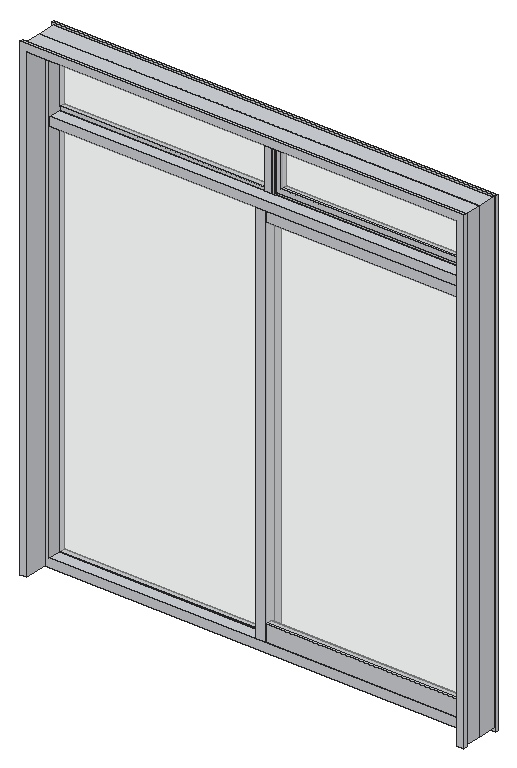
Revit family "APL Residential Thermal Heart Sliding Door SF with Overlight", category Doors, host Wall, Revit 2017 (continued)
Definition of nested family "APL Residential Thermal Heart Sliding Door SF Overlight Horizontal Section"
  Definition of nested family "Jamb&Sash"
    Definition of nested family "65400_Jamb Fixed"
      Lines and regions (mm)
        detail lines, in view "Ref. Level"
          curve 18: arc (65.33, 13.818, 0) -> (65.978, 12.474, 0) -> (66.2, 11, 0) r 5
          curve 19: arc (66.2, 1.9, 0) -> (66.054, 1.546, 0) -> (65.7, 1.4, 0) r 0.5
          curve 20: arc (47, 1.4, 0) -> (46.646, 1.546, 0) -> (46.5, 1.9, 0) r 0.5
          curve 21: arc (46.5, 6.5, 0) -> (46.396, 7.048, 0) -> (46.1, 7.52, 0) r 1.5
          curve 22: arc (24.183, 34.774, 0) -> (24.053, 34.838, 0) -> (24, 34.973, 0) r 0.2
          curve 23: arc (24.399, 37.321, 0) -> (24.668, 37.608, 0) -> (25.06, 37.613, 0) r 0.5
          curve 24: arc (25.06, 37.613, 0) -> (25.236, 37.7, 0) -> (25.42, 37.633, 0) r 0.25
          curve 25: arc (25.42, 37.633, 0) -> (25.563, 37.502, 0) -> (25.569, 37.309, 0) r 0.25
          curve 26: arc (26.823, 36.544, 0) -> (26.898, 36.511, 0) -> (26.979, 36.5, 0) r 0.3
          curve 27: arc (27.5, 36.5, 0) -> (27.658, 36.578, 0) -> (27.694, 36.75, 0) r 0.2
          curve 28: arc (27.5, 40.753, 0) -> (27.526, 40.875, 0) -> (27.6, 40.976, 0) r 0.3
          curve 29: arc (27.6, 40.976, 0) -> (27.664, 41.343, 0) -> (27.322, 41.49, 0) r 0.3
          curve 30: arc (25.179, 40.957, 0) -> (25.09, 40.905, 0) -> (25.038, 40.816, 0) r 0.2
          curve 31: arc (24.993, 40.648, 0) -> (24.852, 40.507, 0) -> (24.659, 40.559, 0) r 0.2
          curve 32: arc (24.295, 40.922, 0) -> (24.235, 41.008, 0) -> (24.208, 41.108, 0) r 0.3
          curve 33: arc (24.001, 43.474, 0) -> (24.117, 43.738, 0) -> (24.403, 43.782, 0) r 0.3
          curve 34: arc (25.813, 43.268, 0) -> (25.939, 43.181, 0) -> (26.005, 43.043, 0) r 0.3
          curve 35: arc (26.005, 43.043, 0) -> (26.278, 42.801, 0) -> (26.583, 43, 0) r 0.3
          curve 36: arc (28.9, 43, 0) -> (29.254, 42.854, 0) -> (29.4, 42.5, 0) r 0.5
          curve 37: arc (29.4, 36.9, 0) -> (29.546, 36.546, 0) -> (29.9, 36.4, 0) r 0.499
          curve 38: arc (37.767, 36.4, 0) -> (38.931, 36.165, 0) -> (39.913, 35.497, 0) r 2.996
          curve 39: arc (39.913, 35.497, 0) -> (40.232, 35.27, 0) -> (40.611, 35.169, 0) r 1.1
          curve 40: arc (68.1, 34.1, 0) -> (68.241, 34.159, 0) -> (68.3, 34.3, 0) r 0.2
          curve 41: arc (68.3, 42.5, 0) -> (68.446, 42.854, 0) -> (68.8, 43, 0) r 0.5
          curve 42: arc (71.117, 43, 0) -> (71.422, 42.801, 0) -> (71.695, 43.043, 0) r 0.3
          curve 43: arc (71.695, 43.043, 0) -> (71.761, 43.181, 0) -> (71.887, 43.268, 0) r 0.3
          curve 44: arc (73.297, 43.782, 0) -> (73.583, 43.738, 0) -> (73.699, 43.474, 0) r 0.3
          curve 45: arc (73.492, 41.108, 0) -> (73.465, 41.008, 0) -> (73.405, 40.922, 0) r 0.3
          curve 46: arc (73.041, 40.559, 0) -> (72.848, 40.507, 0) -> (72.707, 40.648, 0) r 0.2
          curve 47: arc (72.662, 40.816, 0) -> (72.61, 40.905, 0) -> (72.521, 40.957, 0) r 0.2
          curve 48: arc (70.378, 41.49, 0) -> (70.036, 41.343, 0) -> (70.1, 40.976, 0) r 0.3
          curve 49: arc (70.1, 40.976, 0) -> (70.174, 40.875, 0) -> (70.2, 40.753, 0) r 0.3
          curve 50: arc (70.006, 36.75, 0) -> (70.042, 36.578, 0) -> (70.2, 36.5, 0) r 0.2
          curve 51: arc (70.721, 36.5, 0) -> (70.802, 36.511, 0) -> (70.877, 36.544, 0) r 0.3
          curve 52: arc (72.131, 37.309, 0) -> (72.137, 37.502, 0) -> (72.28, 37.633, 0) r 0.25
          curve 53: arc (72.28, 37.633, 0) -> (72.55, 37.679, 0) -> (72.7, 37.45, 0) r 0.25
          curve 54: arc (72.7, 35.876, 0) -> (72.618, 35.478, 0) -> (72.385, 35.146, 0) r 1
          curve 55: arc (72.385, 35.146, 0) -> (72.322, 35, 0) -> (72.385, 34.854, 0) r 0.2
          curve 56: arc (72.385, 34.854, 0) -> (72.618, 34.523, 0) -> (72.7, 34.126, 0) r 1
          curve 57: arc (72.7, 32.551, 0) -> (72.573, 32.332, 0) -> (72.32, 32.337, 0) r 0.25
          curve 58: arc (72.234, 32.389, 0) -> (72.128, 32.521, 0) -> (72.131, 32.691, 0) r 0.25
          curve 59: arc (70.877, 33.456, 0) -> (70.802, 33.489, 0) -> (70.721, 33.5, 0) r 0.3
          curve 60: arc (70.2, 33.5, 0) -> (70.042, 33.422, 0) -> (70.006, 33.25, 0) r 0.2
          curve 61: arc (70.2, 29.247, 0) -> (70.174, 29.124, 0) -> (70.1, 29.024, 0) r 0.3
          curve 62: arc (70.1, 29.024, 0) -> (70.02, 28.693, 0) -> (70.3, 28.5, 0) r 0.3
          curve 63: arc (72.521, 29.043, 0) -> (72.61, 29.095, 0) -> (72.662, 29.184, 0) r 0.2
          curve 64: arc (72.707, 29.352, 0) -> (72.848, 29.493, 0) -> (73.041, 29.441, 0) r 0.2
          curve 65: arc (73.405, 29.078, 0) -> (73.465, 28.992, 0) -> (73.492, 28.892, 0) r 0.3
          curve 66: arc (73.699, 26.526, 0) -> (73.583, 26.262, 0) -> (73.297, 26.218, 0) r 0.3
          curve 67: arc (71.887, 26.732, 0) -> (71.761, 26.819, 0) -> (71.695, 26.957, 0) r 0.3
          curve 68: arc (71.695, 26.957, 0) -> (71.422, 27.199, 0) -> (71.117, 27, 0) r 0.3
          curve 69: arc (66.201, 27, 0) -> (65.847, 26.854, 0) -> (65.7, 26.5, 0) r 0.5
          curve 70: arc (65.7, 17.481, 0) -> (65.922, 16.006, 0) -> (66.57, 14.663, 0) r 5
          curve 71: arc (66.57, 14.663, 0) -> (67.411, 12.917, 0) -> (67.7, 11, 0) r 6.5
          curve 72: arc (67.7, 9.9, 0) -> (67.759, 9.759, 0) -> (67.9, 9.7, 0) r 0.2
          curve 73: arc (69.3, 9.7, 0) -> (69.441, 9.759, 0) -> (69.5, 9.9, 0) r 0.2
          curve 74: arc (69.5, 10.2, 0) -> (70, 10.701, 0) -> (70.5, 10.2, 0) r 0.5
          curve 75: arc (70.5, 7.649, 0) -> (69.999, 7.15, 0) -> (69.5, 7.65, 0) r 0.5
          curve 76: arc (69.5, 8.5, 0) -> (69.441, 8.641, 0) -> (69.3, 8.7, 0) r 0.2
          curve 77: arc (67.9, 8.7, 0) -> (67.759, 8.641, 0) -> (67.7, 8.5, 0) r 0.2
          curve 78: arc (67.7, 1.2, 0) -> (67.759, 1.059, 0) -> (67.9, 1, 0) r 0.2
          curve 79: arc (69.3, 1, 0) -> (69.441, 1.059, 0) -> (69.5, 1.2, 0) r 0.2
          curve 80: arc (69.5, 2.05, 0) -> (70, 2.551, 0) -> (70.5, 2.05, 0) r 0.5
          curve 81: arc (70.5, 0.501, 0) -> (70.354, 0.147, 0) -> (70, 0, 0) r 0.5
          curve 82: arc (42.7, 0, 0) -> (42.559, 0.059, 0) -> (42.5, 0.2, 0) r 0.2
          curve 83: arc (42.5, 1.75, 0) -> (43, 2.251, 0) -> (43.5, 1.75, 0) r 0.5
          curve 84: arc (43.5, 1.2, 0) -> (43.559, 1.059, 0) -> (43.7, 1, 0) r 0.2
          curve 85: arc (44.8, 1, 0) -> (44.941, 1.059, 0) -> (45, 1.2, 0) r 0.2
          curve 86: arc (45, 6.3, 0) -> (44.941, 6.441, 0) -> (44.8, 6.5, 0) r 0.2
          curve 87: arc (43.7, 6.5, 0) -> (43.559, 6.441, 0) -> (43.5, 6.3, 0) r 0.2
          curve 88: arc (43.5, 5.75, 0) -> (43, 5.251, 0) -> (42.5, 5.75, 0) r 0.5
          curve 89: arc (42.5, 6.5, 0) -> (42.793, 7.207, 0) -> (43.5, 7.5, 0) r 1
          curve 90: arc (44.395, 7.5, 0) -> (44.539, 7.557, 0) -> (44.6, 7.7, 0) r 0.202
          curve 91: arc (44.6, 18.8, 0) -> (44.538, 18.942, 0) -> (44.395, 19, 0) r 0.205
          curve 92: arc (26.583, 19, 0) -> (26.278, 19.199, 0) -> (26.005, 18.957, 0) r 0.3
          curve 93: arc (26.005, 18.957, 0) -> (25.939, 18.819, 0) -> (25.813, 18.732, 0) r 0.3
          curve 94: arc (24.403, 18.218, 0) -> (24.117, 18.262, 0) -> (24.001, 18.526, 0) r 0.3
          curve 95: arc (24.208, 20.892, 0) -> (24.235, 20.992, 0) -> (24.295, 21.078, 0) r 0.3
          curve 96: arc (24.659, 21.441, 0) -> (24.852, 21.493, 0) -> (24.993, 21.352, 0) r 0.2
          curve 97: arc (25.038, 21.184, 0) -> (25.09, 21.095, 0) -> (25.179, 21.043, 0) r 0.2
          curve 98: arc (27.322, 20.51, 0) -> (27.664, 20.657, 0) -> (27.6, 21.024, 0) r 0.3
          curve 99: arc (27.6, 21.024, 0) -> (27.526, 21.125, 0) -> (27.5, 21.247, 0) r 0.3
          curve 100: arc (27.694, 25.25, 0) -> (27.658, 25.422, 0) -> (27.5, 25.5, 0) r 0.2
          curve 101: arc (26.979, 25.5, 0) -> (26.898, 25.489, 0) -> (26.823, 25.456, 0) r 0.3
          curve 102: arc (25.569, 24.691, 0) -> (25.563, 24.498, 0) -> (25.42, 24.367, 0) r 0.25
          curve 103: arc (25.42, 24.367, 0) -> (25.15, 24.321, 0) -> (25, 24.55, 0) r 0.25
          curve 104: arc (25, 26.126, 0) -> (25.128, 26.615, 0) -> (25.479, 26.979, 0) r 1
          curve 105: line (46.1, 7.52, 0) -> (46.1, 18.8, 0)
          curve 106: line (44.4, 20.5, 0) -> (29.9, 20.5, 0)
          curve 107: line (29.4, 21, 0) -> (29.4, 34.099, 0)
          curve 108: line (29.9, 34.6, 0) -> (36.605, 34.6, 0)
          curve 109: line (39.189, 33.379, 0) -> (53.629, 32.2, 0)
          curve 110: line (53.629, 32.2, 0) -> (62.286, 32.2, 0)
          curve 111: line (64.2, 26.533, 0) -> (64.2, 17.483, 0)
          curve 112: line (66.2, 11, 0) -> (66.2, 1.9, 0)
          curve 113: line (65.7, 1.4, 0) -> (47, 1.4, 0)
          curve 114: line (46.5, 1.9, 0) -> (46.5, 6.5, 0)
          curve 115: line (27.317, 34.499, 0) -> (24.183, 34.774, 0)
          curve 116: line (24, 34.973, 0) -> (24, 36.224, 0)
          curve 117: line (24, 36.224, 0) -> (24.399, 37.321, 0)
          curve 118: line (25.569, 37.309, 0) -> (26.823, 36.544, 0)
          curve 119: line (26.979, 36.5, 0) -> (27.5, 36.5, 0)
          curve 120: line (27.694, 36.75, 0) -> (27.5, 37.5, 0)
          curve 121: line (27.5, 37.525, 0) -> (27.5, 40.753, 0)
          curve 122: line (27.312, 41.528, 0) -> (25.179, 40.957, 0)
          curve 123: line (25.038, 40.816, 0) -> (24.993, 40.648, 0)
          curve 124: line (24.659, 40.559, 0) -> (24.295, 40.922, 0)
          curve 125: line (24.208, 41.108, 0) -> (24.001, 43.474, 0)
          curve 126: line (24.403, 43.782, 0) -> (25.813, 43.268, 0)
          curve 127: line (26.583, 43, 0) -> (28.9, 43, 0)
          curve 128: line (29.4, 42.5, 0) -> (29.4, 36.9, 0)
          curve 129: line (29.9, 36.4, 0) -> (33.5, 36.4, 0)
          curve 130: line (33.5, 36.4, 0) -> (33.9, 36, 0)
          curve 131: line (33.9, 36, 0) -> (34.3, 36.4, 0)
          curve 132: line (34.3, 36.4, 0) -> (37.767, 36.4, 0)
          curve 133: line (40.611, 35.169, 0) -> (53.707, 34.1, 0)
          curve 134: line (53.707, 34.1, 0) -> (58.307, 34.1, 0)
          curve 135: line (58.307, 34.1, 0) -> (58.707, 33.7, 0)
          curve 136: line (58.707, 33.7, 0) -> (59.107, 34.1, 0)
          curve 137: line (59.107, 34.1, 0) -> (68.1, 34.1, 0)
          curve 138: line (68.3, 34.3, 0) -> (68.3, 42.5, 0)
          curve 139: line (68.8, 43, 0) -> (71.117, 43, 0)
          curve 140: line (71.887, 43.268, 0) -> (73.297, 43.782, 0)
          curve 141: line (73.699, 43.474, 0) -> (73.492, 41.108, 0)
          curve 142: line (73.405, 40.922, 0) -> (73.041, 40.559, 0)
          curve 143: line (72.707, 40.648, 0) -> (72.662, 40.816, 0)
          curve 144: line (72.521, 40.957, 0) -> (70.388, 41.528, 0)
          curve 145: line (70.2, 40.753, 0) -> (70.2, 37.525, 0)
          curve 146: line (70.2, 37.5, 0) -> (70.006, 36.75, 0)
          curve 147: line (70.2, 36.5, 0) -> (70.721, 36.5, 0)
          curve 148: line (70.877, 36.544, 0) -> (72.131, 37.309, 0)
          curve 149: line (72.7, 37.45, 0) -> (72.7, 35.876, 0)
          curve 150: line (72.7, 34.126, 0) -> (72.7, 32.551, 0)
          curve 151: line (72.131, 32.691, 0) -> (70.877, 33.456, 0)
          curve 152: line (70.721, 33.5, 0) -> (70.2, 33.5, 0)
          curve 153: line (70.006, 33.25, 0) -> (70.2, 32.5, 0)
          curve 154: line (70.2, 32.475, 0) -> (70.2, 29.247, 0)
          curve 155: line (70.532, 28.51, 0) -> (72.521, 29.043, 0)
          curve 156: line (72.662, 29.184, 0) -> (72.707, 29.352, 0)
          curve 157: line (73.041, 29.441, 0) -> (73.405, 29.078, 0)
          curve 158: line (73.492, 28.892, 0) -> (73.699, 26.526, 0)
          curve 159: line (73.297, 26.218, 0) -> (71.887, 26.732, 0)
          curve 160: line (71.117, 27, 0) -> (66.201, 27, 0)
          curve 161: line (65.7, 26.5, 0) -> (65.7, 17.481, 0)
          curve 162: line (67.7, 11, 0) -> (67.7, 9.9, 0)
          curve 163: line (67.9, 9.7, 0) -> (69.3, 9.7, 0)
          curve 164: line (69.5, 9.9, 0) -> (69.5, 10.2, 0)
          curve 165: line (70.5, 10.2, 0) -> (70.5, 7.649, 0)
          curve 166: line (69.5, 7.65, 0) -> (69.5, 8.5, 0)
          curve 167: line (69.3, 8.7, 0) -> (67.9, 8.7, 0)
          curve 168: line (67.7, 8.5, 0) -> (67.7, 1.2, 0)
          curve 169: line (67.9, 1, 0) -> (69.3, 1, 0)
          curve 170: line (69.5, 1.2, 0) -> (69.5, 2.05, 0)
          curve 171: line (70.5, 2.05, 0) -> (70.5, 0.501, 0)
          curve 172: line (70, 0, 0) -> (42.7, 0, 0)
          curve 173: line (42.5, 0.2, 0) -> (42.5, 1.75, 0)
          curve 174: line (43.5, 1.75, 0) -> (43.5, 1.2, 0)
          curve 175: line (43.7, 1, 0) -> (44.8, 1, 0)
          curve 176: line (45, 1.2, 0) -> (45, 6.3, 0)
          curve 177: line (44.8, 6.5, 0) -> (43.7, 6.5, 0)
          curve 178: line (43.5, 6.3, 0) -> (43.5, 5.75, 0)
          curve 179: line (42.5, 5.75, 0) -> (42.5, 6.5, 0)
          curve 180: line (43.5, 7.5, 0) -> (44.395, 7.5, 0)
          curve 181: line (44.6, 7.7, 0) -> (44.6, 18.8, 0)
          curve 182: line (44.395, 19, 0) -> (34.3, 19, 0)
          curve 183: line (34.3, 19, 0) -> (33.9, 19.4, 0)
          curve 184: line (33.9, 19.4, 0) -> (33.5, 19, 0)
          curve 185: line (33.5, 19, 0) -> (26.583, 19, 0)
          curve 186: line (25.813, 18.732, 0) -> (24.403, 18.218, 0)
          curve 187: line (24.001, 18.526, 0) -> (24.208, 20.892, 0)
          curve 188: line (24.295, 21.078, 0) -> (24.659, 21.441, 0)
          curve 189: line (24.993, 21.352, 0) -> (25.038, 21.184, 0)
          curve 190: line (25.179, 21.043, 0) -> (27.312, 20.472, 0)
          curve 191: line (27.5, 21.247, 0) -> (27.5, 24.475, 0)
          curve 192: line (27.5, 24.5, 0) -> (27.694, 25.25, 0)
          curve 193: line (27.5, 25.5, 0) -> (26.979, 25.5, 0)
          curve 194: line (26.823, 25.456, 0) -> (25.569, 24.691, 0)
          curve 195: line (25, 24.55, 0) -> (25, 26.126, 0)
          curve 196: line (25.479, 26.979, 0) -> (26.284, 27.471, 0)
          curve 197: line (26.389, 27.5, 0) -> (27.5, 27.5, 0)
          curve 198: line (27.5, 27.5, 0) -> (27.5, 34.3, 0)
          curve 199: arc (27.5, 34.3, 0) -> (27.447, 34.435, 0) -> (27.317, 34.499, 0) r 0.2
          curve 200: arc (70.2, 32.6, 0) -> (70.317, 32.883, 0) -> (70.6, 33, 0) r 0.4
          curve 201: arc (70.893, 33, 0) -> (70.996, 32.986, 0) -> (71.093, 32.946, 0) r 0.4
          curve 202: arc (72.621, 32.061, 0) -> (72.911, 31.941, 0) -> (73.222, 31.9, 0) r 1.2
          curve 203: arc (74.145, 31.9, 0) -> (74.718, 31.719, 0) -> (75.084, 31.242, 0) r 1
          curve 204: arc (75.877, 29.063, 0) -> (76.024, 28.872, 0) -> (76.253, 28.8, 0) r 0.4
          curve 205: arc (78.947, 28.8, 0) -> (79.176, 28.872, 0) -> (79.323, 29.063, 0) r 0.4
          curve 206: arc (80.116, 31.242, 0) -> (80.482, 31.719, 0) -> (81.055, 31.9, 0) r 1
          curve 207: arc (81.978, 31.9, 0) -> (82.289, 31.941, 0) -> (82.579, 32.061, 0) r 1.2
          curve 208: arc (84.107, 32.946, 0) -> (84.204, 32.986, 0) -> (84.307, 33, 0) r 0.4
          curve 209: arc (84.6, 33, 0) -> (84.883, 32.883, 0) -> (85, 32.6, 0) r 0.4
          curve 210: arc (85, 29.2, 0) -> (84.883, 28.917, 0) -> (84.6, 28.8, 0) r 0.4
          curve 211: arc (84.307, 28.8, 0) -> (84.204, 28.814, 0) -> (84.107, 28.854, 0) r 0.4
          curve 212: arc (82.579, 29.739, 0) -> (82.285, 29.86, 0) -> (81.97, 29.9, 0) r 1.2
          curve 213: arc (81.97, 29.9, 0) -> (81.795, 29.847, 0) -> (81.684, 29.703, 0) r 0.3
          curve 214: arc (80.796, 27.263, 0) -> (80.649, 27.072, 0) -> (80.42, 27, 0) r 0.4
          curve 215: arc (74.78, 27, 0) -> (74.551, 27.072, 0) -> (74.404, 27.263, 0) r 0.4
          curve 216: arc (73.516, 29.703, 0) -> (73.405, 29.847, 0) -> (73.23, 29.9, 0) r 0.3
          curve 217: arc (73.23, 29.9, 0) -> (72.915, 29.86, 0) -> (72.621, 29.739, 0) r 1.2
          curve 218: arc (71.093, 28.854, 0) -> (70.996, 28.814, 0) -> (70.893, 28.8, 0) r 0.4
          curve 219: arc (70.6, 28.8, 0) -> (70.317, 28.917, 0) -> (70.2, 29.2, 0) r 0.4
          curve 220: line (70.6, 33, 0) -> (70.893, 33, 0)
          curve 221: line (71.093, 32.946, 0) -> (72.621, 32.061, 0)
          curve 222: line (73.222, 31.9, 0) -> (74.145, 31.9, 0)
          curve 223: line (75.084, 31.242, 0) -> (75.877, 29.063, 0)
          curve 224: line (76.253, 28.8, 0) -> (78.947, 28.8, 0)
          curve 225: line (79.323, 29.063, 0) -> (80.116, 31.242, 0)
          curve 226: line (81.055, 31.9, 0) -> (81.978, 31.9, 0)
          curve 227: line (82.579, 32.061, 0) -> (84.107, 32.946, 0)
          curve 228: line (84.307, 33, 0) -> (84.6, 33, 0)
          curve 229: line (85, 32.6, 0) -> (85, 29.2, 0)
          curve 230: line (84.6, 28.8, 0) -> (84.307, 28.8, 0)
          curve 231: line (84.107, 28.854, 0) -> (82.579, 29.739, 0)
          curve 232: line (81.684, 29.703, 0) -> (80.796, 27.263, 0)
          curve 233: line (80.42, 27, 0) -> (74.78, 27, 0)
          curve 234: line (74.404, 27.263, 0) -> (73.516, 29.703, 0)
          curve 235: line (72.621, 29.739, 0) -> (71.093, 28.854, 0)
          curve 236: line (70.893, 28.8, 0) -> (70.6, 28.8, 0)
          curve 237: line (70.2, 29.2, 0) -> (70.2, 32.6, 0)
          curve 238: arc (70.2, 37.4, 0) -> (70.317, 37.117, 0) -> (70.6, 37, 0) r 0.4
          curve 239: arc (70.893, 37, 0) -> (70.996, 37.014, 0) -> (71.093, 37.054, 0) r 0.4
          curve 240: arc (72.621, 37.939, 0) -> (72.911, 38.059, 0) -> (73.222, 38.1, 0) r 1.2
          curve 241: arc (74.145, 38.1, 0) -> (74.718, 38.281, 0) -> (75.084, 38.758, 0) r 1
          curve 242: arc (75.877, 40.937, 0) -> (76.024, 41.128, 0) -> (76.253, 41.2, 0) r 0.4
          curve 243: arc (78.947, 41.2, 0) -> (79.176, 41.128, 0) -> (79.323, 40.937, 0) r 0.4
          curve 244: arc (80.116, 38.758, 0) -> (80.482, 38.281, 0) -> (81.055, 38.1, 0) r 1
          curve 245: arc (81.978, 38.1, 0) -> (82.289, 38.059, 0) -> (82.579, 37.939, 0) r 1.2
          curve 246: arc (84.107, 37.054, 0) -> (84.204, 37.014, 0) -> (84.307, 37, 0) r 0.4
          curve 247: arc (84.6, 37, 0) -> (84.883, 37.117, 0) -> (85, 37.4, 0) r 0.4
          curve 248: arc (85, 40.8, 0) -> (84.883, 41.083, 0) -> (84.6, 41.2, 0) r 0.4
          curve 249: arc (84.307, 41.2, 0) -> (84.204, 41.186, 0) -> (84.107, 41.146, 0) r 0.4
          curve 250: arc (82.579, 40.262, 0) -> (82.285, 40.14, 0) -> (81.97, 40.1, 0) r 1.2
          curve 251: arc (81.97, 40.1, 0) -> (81.795, 40.153, 0) -> (81.684, 40.297, 0) r 0.3
          curve 252: arc (80.796, 42.737, 0) -> (80.649, 42.928, 0) -> (80.42, 43, 0) r 0.4
          curve 253: arc (74.78, 43, 0) -> (74.551, 42.928, 0) -> (74.404, 42.737, 0) r 0.4
          curve 254: arc (73.516, 40.297, 0) -> (73.405, 40.153, 0) -> (73.23, 40.1, 0) r 0.3
          curve 255: arc (73.23, 40.1, 0) -> (72.915, 40.14, 0) -> (72.621, 40.262, 0) r 1.2
          curve 256: arc (71.093, 41.146, 0) -> (70.996, 41.186, 0) -> (70.893, 41.2, 0) r 0.4
          curve 257: arc (70.6, 41.2, 0) -> (70.317, 41.083, 0) -> (70.2, 40.8, 0) r 0.4
          curve 258: line (70.6, 37, 0) -> (70.893, 37, 0)
          curve 259: line (71.093, 37.054, 0) -> (72.621, 37.939, 0)
          curve 260: line (73.222, 38.1, 0) -> (74.145, 38.1, 0)
          curve 261: line (75.084, 38.758, 0) -> (75.877, 40.937, 0)
          curve 262: line (76.253, 41.2, 0) -> (78.947, 41.2, 0)
          curve 263: line (79.323, 40.937, 0) -> (80.116, 38.758, 0)
          curve 264: line (81.055, 38.1, 0) -> (81.978, 38.1, 0)
          curve 265: line (82.579, 37.939, 0) -> (84.107, 37.054, 0)
          curve 266: line (84.307, 37, 0) -> (84.6, 37, 0)
          curve 267: line (85, 37.4, 0) -> (85, 40.8, 0)
          curve 268: line (84.6, 41.2, 0) -> (84.307, 41.2, 0)
          curve 269: line (84.107, 41.146, 0) -> (82.579, 40.262, 0)
          curve 270: line (81.684, 40.297, 0) -> (80.796, 42.737, 0)
          curve 271: line (80.42, 43, 0) -> (74.78, 43, 0)
          curve 272: line (74.404, 42.737, 0) -> (73.516, 40.297, 0)
          curve 273: line (72.621, 40.262, 0) -> (71.093, 41.146, 0)
          curve 274: line (70.893, 41.2, 0) -> (70.6, 41.2, 0)
          curve 275: line (70.2, 40.8, 0) -> (70.2, 37.4, 0)
          curve 276: arc (113.4, 7.123, 0) -> (113.327, 7.05, 0) -> (113.3, 6.95, 0) r 0.2
          curve 277: arc (113.3, 2.75, 0) -> (113.327, 2.65, 0) -> (113.4, 2.577, 0) r 0.2
          curve 278: arc (113.4, 2.577, 0) -> (113.473, 2.504, 0) -> (113.5, 2.404, 0) r 0.2
          curve 279: arc (113.5, 1.2, 0) -> (113.441, 1.059, 0) -> (113.3, 1, 0) r 0.2
          curve 280: arc (111.701, 1, 0) -> (111.559, 1.058, 0) -> (111.5, 1.2, 0) r 0.2
          curve 281: arc (111.5, 2.05, 0) -> (111, 2.549, 0) -> (110.5, 2.05, 0) r 0.5
          curve 282: arc (110.5, 0.5, 0) -> (110.646, 0.146, 0) -> (111, 0, 0) r 0.499
          curve 283: arc (114.5, 0, 0) -> (114.847, 0.153, 0) -> (115, 0.5, 0) r 0.523
          curve 284: arc (115, 21.5, 0) -> (114.856, 21.856, 0) -> (114.5, 22, 0) r 0.493
          curve 285: arc (111.7, 22, 0) -> (111.558, 22.058, 0) -> (111.5, 22.2, 0) r 0.199
          curve 286: arc (111.5, 29.801, 0) -> (110.852, 31.441, 0) -> (109.258, 32.195, 0) r 2.399
          curve 287: arc (109.258, 32.195, 0) -> (108.878, 32.412, 0) -> (108.814, 32.844, 0) r 0.5
          curve 288: arc (108.814, 32.844, 0) -> (109, 34.047, 0) -> (108.816, 35.25, 0) r 4
          curve 289: arc (108.816, 35.25, 0) -> (108.89, 35.696, 0) -> (109.293, 35.9, 0) r 0.5
          curve 290: arc (109.5, 35.9, 0) -> (110.914, 36.486, 0) -> (111.5, 37.9, 0) r 2.001
          curve 291: arc (120.75, 41.5, 0) -> (121.501, 42.253, 0) -> (120.745, 43, 0) r 0.75
          curve 292: arc (111.5, 43, 0) -> (110.439, 42.561, 0) -> (110, 41.5, 0) r 1.5
          curve 293: arc (110, 38, 0) -> (109.941, 37.859, 0) -> (109.8, 37.8, 0) r 0.2
          curve 294: arc (100.5, 37.8, 0) -> (100.146, 37.654, 0) -> (100, 37.3, 0) r 0.5
          curve 295: arc (100, 36.8, 0) -> (100.146, 36.446, 0) -> (100.5, 36.3, 0) r 0.5
          curve 296: arc (101.927, 36.3, 0) -> (102.266, 36.167, 0) -> (102.426, 35.84, 0) r 0.5
          curve 297: arc (102.426, 35.84, 0) -> (102.912, 35.197, 0) -> (103.7, 35.366, 0) r 0.75
          curve 298: arc (103.7, 35.366, 0) -> (105, 35.9, 0) -> (106.3, 35.366, 0) r 1.85
          curve 299: arc (106.3, 35.366, 0) -> (106.442, 35.256, 0) -> (106.607, 35.183, 0) r 0.75
          curve 300: arc (106.607, 35.183, 0) -> (106.791, 35.08, 0) -> (106.916, 34.91, 0) r 0.5
          curve 301: arc (106.916, 34.91, 0) -> (107.1, 34.05, 0) -> (106.916, 33.19, 0) r 2.1
          curve 302: arc (106.916, 33.19, 0) -> (106.791, 33.02, 0) -> (106.607, 32.917, 0) r 0.5
          curve 303: arc (106.607, 32.917, 0) -> (106.442, 32.844, 0) -> (106.3, 32.734, 0) r 0.75
          curve 304: arc (106.3, 32.734, 0) -> (105, 32.2, 0) -> (103.7, 32.734, 0) r 1.85
          curve 305: arc (103.7, 32.734, 0) -> (103.027, 32.936, 0) -> (102.482, 32.491, 0) r 0.75
          curve 306: arc (102.482, 32.491, 0) -> (102.32, 32.284, 0) -> (102.075, 32.188, 0) r 0.5
          curve 307: arc (102.075, 32.188, 0) -> (101.154, 31.86, 0) -> (100.481, 31.15, 0) r 2.1
          curve 308: arc (100.481, 31.15, 0) -> (100.298, 30.967, 0) -> (100.048, 30.9, 0) r 0.5
          curve 309: arc (91.556, 30.9, 0) -> (91.287, 30.978, 0) -> (91.103, 31.188, 0) r 0.5
          curve 310: arc (91.103, 31.188, 0) -> (90.328, 32.071, 0) -> (89.2, 32.4, 0) r 2.1
          curve 311: arc (87.9, 32.4, 0) -> (87.193, 32.693, 0) -> (86.9, 33.4, 0) r 1
          curve 312: arc (86.9, 42.5, 0) -> (86.754, 42.854, 0) -> (86.4, 43, 0) r 0.5
          curve 313: arc (84.083, 43, 0) -> (83.778, 42.801, 0) -> (83.505, 43.043, 0) r 0.3
          curve 314: arc (83.505, 43.043, 0) -> (83.439, 43.181, 0) -> (83.313, 43.268, 0) r 0.3
          curve 315: arc (81.903, 43.782, 0) -> (81.617, 43.738, 0) -> (81.501, 43.474, 0) r 0.3
          curve 316: arc (81.708, 41.108, 0) -> (81.735, 41.008, 0) -> (81.795, 40.922, 0) r 0.3
          curve 317: arc (82.159, 40.559, 0) -> (82.352, 40.507, 0) -> (82.493, 40.648, 0) r 0.2
          curve 318: arc (82.538, 40.816, 0) -> (82.59, 40.905, 0) -> (82.679, 40.957, 0) r 0.2
          curve 319: arc (84.822, 41.49, 0) -> (85.164, 41.343, 0) -> (85.1, 40.976, 0) r 0.3
          curve 320: arc (85.1, 40.976, 0) -> (85.026, 40.875, 0) -> (85, 40.753, 0) r 0.3
          curve 321: arc (85.194, 36.75, 0) -> (85.158, 36.578, 0) -> (85, 36.5, 0) r 0.2
          curve 322: arc (84.479, 36.5, 0) -> (84.398, 36.511, 0) -> (84.323, 36.544, 0) r 0.3
          curve 323: arc (83.069, 37.309, 0) -> (83.063, 37.502, 0) -> (82.92, 37.633, 0) r 0.25
          curve 324: arc (82.92, 37.633, 0) -> (82.65, 37.679, 0) -> (82.5, 37.45, 0) r 0.25
          curve 325: arc (82.5, 35.874, 0) -> (82.582, 35.477, 0) -> (82.815, 35.146, 0) r 1
          curve 326: arc (82.815, 35.146, 0) -> (82.878, 35, 0) -> (82.815, 34.854, 0) r 0.2
          curve 327: arc (82.815, 34.854, 0) -> (82.582, 34.523, 0) -> (82.5, 34.126, 0) r 1
          curve 328: arc (82.5, 32.55, 0) -> (82.628, 32.332, 0) -> (82.88, 32.337, 0) r 0.25
          curve 329: arc (82.966, 32.389, 0) -> (83.072, 32.521, 0) -> (83.069, 32.691, 0) r 0.25
          curve 330: arc (84.323, 33.456, 0) -> (84.398, 33.489, 0) -> (84.479, 33.5, 0) r 0.3
          curve 331: arc (85, 33.5, 0) -> (85.158, 33.423, 0) -> (85.194, 33.25, 0) r 0.2
          curve 332: arc (85, 29.247, 0) -> (85.026, 29.125, 0) -> (85.1, 29.024, 0) r 0.3
          curve 333: arc (85.1, 29.024, 0) -> (85.164, 28.657, 0) -> (84.822, 28.51, 0) r 0.3
          curve 334: arc (82.679, 29.043, 0) -> (82.59, 29.095, 0) -> (82.538, 29.184, 0) r 0.2
          curve 335: arc (82.493, 29.352, 0) -> (82.352, 29.493, 0) -> (82.159, 29.441, 0) r 0.2
          curve 336: arc (81.795, 29.078, 0) -> (81.735, 28.992, 0) -> (81.708, 28.892, 0) r 0.3
          curve 337: arc (81.501, 26.526, 0) -> (81.617, 26.262, 0) -> (81.903, 26.218, 0) r 0.3
          curve 338: arc (83.313, 26.732, 0) -> (83.439, 26.819, 0) -> (83.505, 26.957, 0) r 0.3
          curve 339: arc (83.505, 26.957, 0) -> (83.778, 27.199, 0) -> (84.083, 27, 0) r 0.3
          curve 340: arc (86.7, 27, 0) -> (86.841, 27.059, 0) -> (86.9, 27.2, 0) r 0.2
          curve 341: arc (86.9, 30.3, 0) -> (86.959, 30.441, 0) -> (87.1, 30.5, 0) r 0.2
          curve 342: arc (89.2, 30.5, 0) -> (89.341, 30.441, 0) -> (89.4, 30.3, 0) r 0.2
          curve 343: arc (89.4, 29.2, 0) -> (89.459, 29.059, 0) -> (89.6, 29, 0) r 0.2
          curve 344: arc (101.9, 29, 0) -> (102.042, 29.059, 0) -> (102.1, 29.2, 0) r 0.2
          curve 345: arc (102.1, 30.1, 0) -> (102.159, 30.241, 0) -> (102.3, 30.3, 0) r 0.2
          curve 346: arc (109.1, 30.3, 0) -> (109.454, 30.154, 0) -> (109.6, 29.8, 0) r 0.5
          curve 347: arc (109.6, 28.5, 0) -> (109.541, 28.359, 0) -> (109.4, 28.3, 0) r 0.2
          curve 348: arc (107.3, 28.3, 0) -> (107.159, 28.241, 0) -> (107.1, 28.1, 0) r 0.2
          curve 349: arc (107.1, 27.2, 0) -> (107.159, 27.059, 0) -> (107.3, 27, 0) r 0.2
          curve 350: arc (109.5, 27, 0) -> (109.854, 26.854, 0) -> (110, 26.5, 0) r 0.5
          curve 351: arc (110, 20.2, 0) -> (110.146, 19.846, 0) -> (110.5, 19.7, 0) r 0.5
          curve 352: arc (111.3, 19.7, 0) -> (111.441, 19.759, 0) -> (111.5, 19.9, 0) r 0.2
          curve 353: arc (113.3, 20.7, 0) -> (113.441, 20.641, 0) -> (113.5, 20.5, 0) r 0.2
          curve 354: arc (113.5, 15.6, 0) -> (113.1, 15.2, 0) -> (113.5, 14.8, 0) r 0.4
          curve 355: arc (113.5, 9.9, 0) -> (113.441, 9.759, 0) -> (113.3, 9.7, 0) r 0.2
          curve 356: arc (111.5, 10.3, 0) -> (111.383, 10.583, 0) -> (111.1, 10.7, 0) r 0.4
          curve 357: arc (111, 10.7, 0) -> (110.646, 10.553, 0) -> (110.5, 10.2, 0) r 0.5
          curve 358: arc (110.5, 7.65, 0) -> (111, 7.15, 0) -> (111.5, 7.65, 0) r 0.5
          curve 359: arc (111.5, 8.5, 0) -> (111.559, 8.641, 0) -> (111.7, 8.7, 0) r 0.2
          curve 360: arc (113.3, 8.7, 0) -> (113.441, 8.641, 0) -> (113.5, 8.5, 0) r 0.2
          curve 361: line (113.3, 6.95, 0) -> (113.3, 2.75, 0)
          curve 362: line (113.5, 2.404, 0) -> (113.5, 1.2, 0)
          curve 363: line (113.3, 1, 0) -> (111.701, 1, 0)
          curve 364: line (111.5, 1.2, 0) -> (111.5, 2.05, 0)
          curve 365: line (110.5, 2.05, 0) -> (110.5, 0.5, 0)
          curve 366: line (111, 0, 0) -> (114.5, 0, 0)
          curve 367: line (115, 0.5, 0) -> (115, 21.5, 0)
          curve 368: line (114.5, 22, 0) -> (111.7, 22, 0)
          curve 369: line (111.5, 22.2, 0) -> (111.5, 29.801, 0)
          curve 370: line (109.293, 35.9, 0) -> (109.5, 35.9, 0)
          curve 371: line (111.5, 37.9, 0) -> (111.5, 41.5, 0)
          curve 372: line (111.5, 41.5, 0) -> (120.75, 41.5, 0)
          curve 373: line (120.745, 43, 0) -> (119, 43, 0)
          curve 374: line (119, 43, 0) -> (118.6, 42.6, 0)
          curve 375: line (118.6, 42.6, 0) -> (112.3, 42.6, 0)
          curve 376: line (112.3, 42.6, 0) -> (111.9, 43, 0)
          curve 377: line (111.9, 43, 0) -> (111.5, 43, 0)
          curve 378: line (110, 41.5, 0) -> (110, 38, 0)
          curve 379: line (109.8, 37.8, 0) -> (100.5, 37.8, 0)
          curve 380: line (100, 37.3, 0) -> (100, 36.8, 0)
          curve 381: line (100.5, 36.3, 0) -> (101.927, 36.3, 0)
          curve 382: line (100.048, 30.9, 0) -> (91.556, 30.9, 0)
          curve 383: line (89.2, 32.4, 0) -> (87.9, 32.4, 0)
          curve 384: line (86.9, 33.4, 0) -> (86.9, 42.5, 0)
          curve 385: line (86.4, 43, 0) -> (84.083, 43, 0)
          curve 386: line (83.313, 43.268, 0) -> (81.903, 43.782, 0)
          curve 387: line (81.501, 43.474, 0) -> (81.708, 41.108, 0)
          curve 388: line (81.795, 40.922, 0) -> (82.159, 40.559, 0)
          curve 389: line (82.493, 40.648, 0) -> (82.538, 40.816, 0)
          curve 390: line (82.679, 40.957, 0) -> (84.812, 41.528, 0)
          curve 391: line (85, 40.753, 0) -> (85, 37.525, 0)
          curve 392: line (85, 37.5, 0) -> (85.194, 36.75, 0)
          curve 393: line (85, 36.5, 0) -> (84.479, 36.5, 0)
          curve 394: line (84.323, 36.544, 0) -> (83.069, 37.309, 0)
          curve 395: line (82.5, 37.45, 0) -> (82.5, 35.874, 0)
          curve 396: line (82.5, 34.126, 0) -> (82.5, 32.55, 0)
          curve 397: line (83.069, 32.691, 0) -> (84.323, 33.456, 0)
          curve 398: line (84.479, 33.5, 0) -> (85, 33.5, 0)
          curve 399: line (85.194, 33.25, 0) -> (85, 32.5, 0)
          curve 400: line (85, 32.475, 0) -> (85, 29.248, 0)
          curve 401: line (84.812, 28.472, 0) -> (82.679, 29.043, 0)
          curve 402: line (82.538, 29.184, 0) -> (82.493, 29.352, 0)
          curve 403: line (82.159, 29.441, 0) -> (81.795, 29.078, 0)
          curve 404: line (81.708, 28.892, 0) -> (81.501, 26.526, 0)
          curve 405: line (81.903, 26.218, 0) -> (83.313, 26.732, 0)
          curve 406: line (84.083, 27, 0) -> (86.7, 27, 0)
          curve 407: line (86.9, 27.2, 0) -> (86.9, 30.3, 0)
          curve 408: line (87.1, 30.5, 0) -> (89.2, 30.5, 0)
          curve 409: line (89.4, 30.3, 0) -> (89.4, 29.2, 0)
          curve 410: line (89.6, 29, 0) -> (95.4, 29, 0)
          curve 411: line (95.4, 29, 0) -> (95.8, 29.4, 0)
          curve 412: line (95.8, 29.4, 0) -> (96.2, 29, 0)
          curve 413: line (96.2, 29, 0) -> (101.9, 29, 0)
          curve 414: line (102.1, 29.2, 0) -> (102.1, 30.1, 0)
          curve 415: line (102.3, 30.3, 0) -> (109.1, 30.3, 0)
          curve 416: line (109.6, 29.8, 0) -> (109.6, 28.5, 0)
          curve 417: line (109.4, 28.3, 0) -> (107.3, 28.3, 0)
          curve 418: line (107.1, 28.1, 0) -> (107.1, 27.2, 0)
          curve 419: line (107.3, 27, 0) -> (109.5, 27, 0)
          curve 420: line (110, 26.5, 0) -> (110, 20.2, 0)
          curve 421: line (110.5, 19.7, 0) -> (111.3, 19.7, 0)
          curve 422: line (111.5, 19.9, 0) -> (111.5, 20.7, 0)
          curve 423: line (111.5, 20.7, 0) -> (113.3, 20.7, 0)
          curve 424: line (113.5, 20.5, 0) -> (113.5, 15.6, 0)
          curve 425: line (113.5, 14.8, 0) -> (113.5, 9.9, 0)
          curve 426: line (113.3, 9.7, 0) -> (111.5, 9.7, 0)
          curve 427: line (111.5, 9.7, 0) -> (111.5, 10.3, 0)
          curve 428: line (110.5, 10.2, 0) -> (110.5, 7.65, 0)
          curve 429: line (111.5, 7.65, 0) -> (111.5, 8.5, 0)
          curve 430: line (111.7, 8.7, 0) -> (113.3, 8.7, 0)
          curve 431: line (113.5, 8.5, 0) -> (113.5, 7.296, 0)
          curve 432: arc (113.5, 7.296, 0) -> (113.473, 7.196, 0) -> (113.4, 7.123, 0) r 0.2
          curve 433: arc (12.7, 24.6, 0) -> (12.817, 24.883, 0) -> (13.1, 25, 0) r 0.4
          curve 434: arc (13.393, 25, 0) -> (13.496, 24.986, 0) -> (13.593, 24.946, 0) r 0.4
          curve 435: arc (15.121, 24.062, 0) -> (15.411, 23.941, 0) -> (15.722, 23.9, 0) r 1.2
          curve 436: arc (16.645, 23.9, 0) -> (17.218, 23.719, 0) -> (17.584, 23.242, 0) r 1
          curve 437: arc (18.377, 21.063, 0) -> (18.524, 20.872, 0) -> (18.753, 20.8, 0) r 0.4
          curve 438: arc (21.447, 20.8, 0) -> (21.676, 20.872, 0) -> (21.823, 21.063, 0) r 0.4
          curve 439: arc (22.616, 23.242, 0) -> (22.982, 23.719, 0) -> (23.555, 23.9, 0) r 1
          curve 440: arc (24.478, 23.9, 0) -> (24.789, 23.941, 0) -> (25.079, 24.062, 0) r 1.2
          curve 441: arc (26.607, 24.946, 0) -> (26.704, 24.986, 0) -> (26.807, 25, 0) r 0.4
          curve 442: arc (27.1, 25, 0) -> (27.383, 24.883, 0) -> (27.5, 24.6, 0) r 0.4
          curve 443: arc (27.5, 21.2, 0) -> (27.383, 20.917, 0) -> (27.1, 20.8, 0) r 0.4
          curve 444: arc (26.807, 20.8, 0) -> (26.704, 20.814, 0) -> (26.607, 20.854, 0) r 0.4
          curve 445: arc (25.079, 21.739, 0) -> (24.785, 21.86, 0) -> (24.47, 21.9, 0) r 1.2
          curve 446: arc (24.47, 21.9, 0) -> (24.295, 21.847, 0) -> (24.184, 21.703, 0) r 0.3
          curve 447: arc (23.296, 19.263, 0) -> (23.149, 19.072, 0) -> (22.92, 19, 0) r 0.4
          curve 448: arc (17.28, 19, 0) -> (17.051, 19.072, 0) -> (16.904, 19.263, 0) r 0.4
          curve 449: arc (16.016, 21.703, 0) -> (15.905, 21.847, 0) -> (15.73, 21.9, 0) r 0.3
          curve 450: arc (15.73, 21.9, 0) -> (15.415, 21.86, 0) -> (15.121, 21.739, 0) r 1.2
          curve 451: arc (13.593, 20.854, 0) -> (13.496, 20.814, 0) -> (13.393, 20.8, 0) r 0.4
          curve 452: arc (13.1, 20.8, 0) -> (12.817, 20.917, 0) -> (12.7, 21.2, 0) r 0.4
          curve 453: line (13.1, 25, 0) -> (13.393, 25, 0)
          curve 454: line (13.593, 24.946, 0) -> (15.121, 24.062, 0)
          curve 455: line (15.722, 23.9, 0) -> (16.645, 23.9, 0)
          curve 456: line (17.584, 23.242, 0) -> (18.377, 21.063, 0)
          curve 457: line (18.753, 20.8, 0) -> (21.447, 20.8, 0)
          curve 458: line (21.823, 21.063, 0) -> (22.616, 23.242, 0)
          curve 459: line (23.555, 23.9, 0) -> (24.478, 23.9, 0)
          curve 460: line (25.079, 24.062, 0) -> (26.607, 24.946, 0)
          curve 461: line (26.807, 25, 0) -> (27.1, 25, 0)
          curve 462: line (27.5, 24.6, 0) -> (27.5, 21.2, 0)
          curve 463: line (27.1, 20.8, 0) -> (26.807, 20.8, 0)
          curve 464: line (26.607, 20.854, 0) -> (25.079, 21.739, 0)
          curve 465: line (24.184, 21.703, 0) -> (23.296, 19.263, 0)
          curve 466: line (22.92, 19, 0) -> (17.28, 19, 0)
          curve 467: line (16.904, 19.263, 0) -> (16.016, 21.703, 0)
          curve 468: line (15.121, 21.739, 0) -> (13.593, 20.854, 0)
          curve 469: line (13.393, 20.8, 0) -> (13.1, 20.8, 0)
          curve 470: line (12.7, 21.2, 0) -> (12.7, 24.6, 0)
          curve 471: arc (12.7, 40.8, 0) -> (12.817, 41.083, 0) -> (13.1, 41.2, 0) r 0.4
          curve 472: arc (13.393, 41.2, 0) -> (13.496, 41.186, 0) -> (13.593, 41.146, 0) r 0.4
          curve 473: arc (15.121, 40.262, 0) -> (15.411, 40.141, 0) -> (15.722, 40.1, 0) r 1.2
          curve 474: arc (16.645, 40.1, 0) -> (17.218, 39.919, 0) -> (17.584, 39.442, 0) r 1
          curve 475: arc (18.377, 37.263, 0) -> (18.524, 37.072, 0) -> (18.753, 37, 0) r 0.4
          curve 476: arc (21.447, 37, 0) -> (21.676, 37.072, 0) -> (21.823, 37.263, 0) r 0.4
          curve 477: arc (22.616, 39.442, 0) -> (22.982, 39.919, 0) -> (23.555, 40.1, 0) r 1
          curve 478: arc (24.478, 40.1, 0) -> (24.789, 40.141, 0) -> (25.079, 40.262, 0) r 1.2
          curve 479: arc (26.607, 41.146, 0) -> (26.704, 41.186, 0) -> (26.807, 41.2, 0) r 0.4
          curve 480: arc (27.1, 41.2, 0) -> (27.383, 41.083, 0) -> (27.5, 40.8, 0) r 0.4
          curve 481: arc (27.5, 37.4, 0) -> (27.383, 37.117, 0) -> (27.1, 37, 0) r 0.4
          curve 482: arc (26.807, 37, 0) -> (26.704, 37.014, 0) -> (26.607, 37.054, 0) r 0.4
          curve 483: arc (25.079, 37.939, 0) -> (24.785, 38.06, 0) -> (24.47, 38.1, 0) r 1.2
          curve 484: arc (24.47, 38.1, 0) -> (24.295, 38.047, 0) -> (24.184, 37.903, 0) r 0.3
          curve 485: arc (23.296, 35.463, 0) -> (23.149, 35.272, 0) -> (22.92, 35.2, 0) r 0.4
          curve 486: arc (17.28, 35.2, 0) -> (17.051, 35.272, 0) -> (16.904, 35.463, 0) r 0.4
          curve 487: arc (16.016, 37.903, 0) -> (15.905, 38.047, 0) -> (15.73, 38.1, 0) r 0.3
          curve 488: arc (15.73, 38.1, 0) -> (15.415, 38.06, 0) -> (15.121, 37.939, 0) r 1.2
          curve 489: arc (13.593, 37.054, 0) -> (13.496, 37.014, 0) -> (13.393, 37, 0) r 0.4
          curve 490: arc (13.1, 37, 0) -> (12.817, 37.117, 0) -> (12.7, 37.4, 0) r 0.4
          curve 491: line (13.1, 41.2, 0) -> (13.393, 41.2, 0)
          curve 492: line (13.593, 41.146, 0) -> (15.121, 40.262, 0)
          curve 493: line (15.722, 40.1, 0) -> (16.645, 40.1, 0)
          curve 494: line (17.584, 39.442, 0) -> (18.377, 37.263, 0)
          curve 495: line (18.753, 37, 0) -> (21.447, 37, 0)
          curve 496: line (21.823, 37.263, 0) -> (22.616, 39.442, 0)
          curve 497: line (23.555, 40.1, 0) -> (24.478, 40.1, 0)
          curve 498: line (25.079, 40.262, 0) -> (26.607, 41.146, 0)
          curve 499: line (26.807, 41.2, 0) -> (27.1, 41.2, 0)
          curve 500: line (27.5, 40.8, 0) -> (27.5, 37.4, 0)
          curve 501: line (27.1, 37, 0) -> (26.807, 37, 0)
          curve 502: line (26.607, 37.054, 0) -> (25.079, 37.939, 0)
          curve 503: line (24.184, 37.903, 0) -> (23.296, 35.463, 0)
          curve 504: line (22.92, 35.2, 0) -> (17.28, 35.2, 0)
          curve 505: line (16.904, 35.463, 0) -> (16.016, 37.903, 0)
          curve 506: line (15.121, 37.939, 0) -> (13.593, 37.054, 0)
          curve 507: line (13.393, 37, 0) -> (13.1, 37, 0)
          curve 508: line (12.7, 37.4, 0) -> (12.7, 40.8, 0)
          curve 509: arc (10.8, 36.502, 0) -> (11.356, 35.157, 0) -> (12.7, 34.6, 0) r 1.9
          curve 510: arc (13.1, 34.6, 0) -> (13.241, 34.541, 0) -> (13.3, 34.4, 0) r 0.2
          curve 511: arc (13.3, 27.6, 0) -> (13.241, 27.459, 0) -> (13.1, 27.4, 0) r 0.2
          curve 512: arc (11, 27.4, 0) -> (10.859, 27.341, 0) -> (10.8, 27.2, 0) r 0.2
          curve 513: arc (10.8, 26.717, 0) -> (10.741, 26.575, 0) -> (10.6, 26.517, 0) r 0.2
          curve 514: arc (1.9, 26.517, 0) -> (1.546, 26.663, 0) -> (1.4, 27.017, 0) r 0.5
          curve 515: arc (1.4, 40.755, 0) -> (1.521, 41.369, 0) -> (1.869, 41.889, 0) r 1.6
          curve 516: arc (6.387, 46.407, 0) -> (6.711, 46.624, 0) -> (7.094, 46.7, 0) r 1
          curve 517: arc (9.8, 46.7, 0) -> (10.507, 46.407, 0) -> (10.8, 45.7, 0) r 1
          curve 518: arc (1.665, 19.379, 0) -> (1.729, 19.478, 0) -> (1.725, 19.597, 0) r 0.2
          curve 519: arc (1.725, 19.597, 0) -> (1.621, 19.766, 0) -> (1.453, 19.873, 0) r 0.45
          curve 520: arc (1.453, 19.873, 0) -> (1.357, 19.948, 0) -> (1.322, 20.064, 0) r 0.2
          curve 521: arc (1.379, 24.919, 0) -> (1.438, 25.059, 0) -> (1.579, 25.117, 0) r 0.2
          curve 522: arc (10.6, 25.117, 0) -> (10.741, 25.058, 0) -> (10.8, 24.917, 0) r 0.2
          curve 523: arc (10.8, 20.828, 0) -> (10.773, 20.728, 0) -> (10.7, 20.655, 0) r 0.2
          curve 524: arc (9.6, 20.02, 0) -> (9.38, 19.8, 0) -> (9.3, 19.5, 0) r 0.6
          curve 525: arc (9.3, 19.2, 0) -> (9.359, 19.059, 0) -> (9.5, 19, 0) r 0.2
          curve 526: arc (13.617, 19, 0) -> (13.922, 19.199, 0) -> (14.195, 18.957, 0) r 0.3
          curve 527: arc (14.195, 18.957, 0) -> (14.261, 18.819, 0) -> (14.387, 18.732, 0) r 0.3
          curve 528: arc (15.797, 18.218, 0) -> (16.083, 18.262, 0) -> (16.199, 18.526, 0) r 0.3
          curve 529: arc (15.992, 20.892, 0) -> (15.965, 20.992, 0) -> (15.905, 21.078, 0) r 0.3
          curve 530: arc (15.541, 21.441, 0) -> (15.348, 21.493, 0) -> (15.207, 21.352, 0) r 0.2
          curve 531: arc (15.162, 21.184, 0) -> (15.11, 21.095, 0) -> (15.021, 21.043, 0) r 0.2
          curve 532: arc (12.878, 20.51, 0) -> (12.536, 20.657, 0) -> (12.6, 21.024, 0) r 0.3
          curve 533: arc (12.6, 21.024, 0) -> (12.674, 21.125, 0) -> (12.7, 21.247, 0) r 0.3
          curve 534: arc (12.506, 25.25, 0) -> (12.542, 25.422, 0) -> (12.7, 25.5, 0) r 0.2
          curve 535: arc (13.221, 25.5, 0) -> (13.302, 25.489, 0) -> (13.377, 25.456, 0) r 0.3
          curve 536: arc (14.631, 24.691, 0) -> (14.637, 24.498, 0) -> (14.78, 24.367, 0) r 0.25
          curve 537: arc (14.78, 24.367, 0) -> (15.05, 24.321, 0) -> (15.2, 24.55, 0) r 0.25
          curve 538: arc (15.2, 34.401, 0) -> (15.259, 34.542, 0) -> (15.4, 34.6, 0) r 0.2
          curve 539: arc (16.479, 34.6, 0) -> (16.643, 34.685, 0) -> (16.667, 34.868, 0) r 0.2
          curve 540: arc (15.775, 37.318, 0) -> (15.702, 37.414, 0) -> (15.587, 37.45, 0) r 0.2
          curve 541: arc (15.353, 37.45, 0) -> (15.248, 37.48, 0) -> (15.174, 37.561, 0) r 0.2
          curve 542: arc (15.174, 37.561, 0) -> (14.995, 37.696, 0) -> (14.78, 37.633, 0) r 0.25
          curve 543: arc (14.78, 37.633, 0) -> (14.637, 37.502, 0) -> (14.631, 37.309, 0) r 0.25
          curve 544: arc (13.377, 36.544, 0) -> (13.302, 36.511, 0) -> (13.221, 36.5, 0) r 0.3
          curve 545: arc (12.7, 36.5, 0) -> (12.542, 36.578, 0) -> (12.506, 36.75, 0) r 0.2
          curve 546: arc (12.7, 40.753, 0) -> (12.674, 40.875, 0) -> (12.6, 40.976, 0) r 0.3
          curve 547: arc (12.6, 40.976, 0) -> (12.536, 41.343, 0) -> (12.878, 41.49, 0) r 0.3
          curve 548: arc (15.021, 40.957, 0) -> (15.11, 40.905, 0) -> (15.162, 40.816, 0) r 0.2
          curve 549: arc (15.207, 40.648, 0) -> (15.348, 40.507, 0) -> (15.541, 40.559, 0) r 0.2
          curve 550: arc (15.905, 40.922, 0) -> (15.965, 41.008, 0) -> (15.992, 41.108, 0) r 0.3
          curve 551: arc (16.199, 43.474, 0) -> (16.083, 43.738, 0) -> (15.797, 43.782, 0) r 0.3
          curve 552: arc (14.387, 43.268, 0) -> (14.261, 43.181, 0) -> (14.195, 43.043, 0) r 0.3
          curve 553: arc (14.195, 43.043, 0) -> (13.922, 42.801, 0) -> (13.617, 43, 0) r 0.3
          curve 554: arc (12.6, 43, 0) -> (12.459, 43.059, 0) -> (12.4, 43.2, 0) r 0.2
          curve 555: arc (12.4, 45.696, 0) -> (11.64, 47.537, 0) -> (9.8, 48.3, 0) r 2.6
          curve 556: arc (7.9, 48.3, 0) -> (7.547, 48.446, 0) -> (7.4, 48.8, 0) r 0.5
          curve 557: arc (7.4, 56.402, 0) -> (7.508, 56.581, 0) -> (7.716, 56.566, 0) r 0.2
          curve 558: arc (7.716, 56.566, 0) -> (8.721, 56.692, 0) -> (8.684, 57.705, 0) r 0.75
          curve 559: arc (8.684, 57.705, 0) -> (8.15, 59.005, 0) -> (8.684, 60.305, 0) r 1.85
          curve 560: arc (8.684, 60.305, 0) -> (8.794, 60.447, 0) -> (8.867, 60.612, 0) r 0.75
          curve 561: arc (8.867, 60.612, 0) -> (8.97, 60.796, 0) -> (9.14, 60.921, 0) r 0.5
          curve 562: arc (9.14, 60.921, 0) -> (10, 61.105, 0) -> (10.86, 60.921, 0) r 2.1
          curve 563: arc (10.86, 60.921, 0) -> (11.03, 60.796, 0) -> (11.133, 60.612, 0) r 0.5
          curve 564: arc (11.133, 60.612, 0) -> (11.206, 60.447, 0) -> (11.316, 60.305, 0) r 0.75
          curve 565: arc (11.316, 60.305, 0) -> (11.85, 59.005, 0) -> (11.316, 57.705, 0) r 1.85
          curve 566: arc (11.316, 57.705, 0) -> (11.323, 56.644, 0) -> (12.384, 56.651, 0) r 0.75
          curve 567: arc (12.384, 56.651, 0) -> (13.348, 58.881, 0) -> (12.551, 61.176, 0) r 3.35
          curve 568: arc (12.551, 61.176, 0) -> (12.478, 61.71, 0) -> (12.932, 62, 0) r 0.5
          curve 569: arc (13.15, 62, 0) -> (13.291, 62.059, 0) -> (13.35, 62.2, 0) r 0.2
          curve 570: arc (13.35, 62.5, 0) -> (13.204, 62.854, 0) -> (12.85, 63, 0) r 0.5
          curve 571: arc (7, 63, 0) -> (6.293, 62.707, 0) -> (6, 62, 0) r 1
          curve 572: arc (6, 49.243, 0) -> (5.772, 48.095, 0) -> (5.121, 47.121, 0) r 3
          curve 573: arc (0.879, 42.879, 0) -> (0.228, 41.905, 0) -> (0, 40.757, 0) r 3
          curve 574: arc (0, 19.2, 0) -> (0.059, 19.059, 0) -> (0.2, 19, 0) r 0.2
          curve 575: line (10.8, 45.7, 0) -> (10.8, 36.502, 0)
          curve 576: line (12.7, 34.6, 0) -> (13.1, 34.6, 0)
          curve 577: line (13.3, 34.4, 0) -> (13.3, 27.6, 0)
          curve 578: line (13.1, 27.4, 0) -> (11, 27.4, 0)
          curve 579: line (10.8, 27.2, 0) -> (10.8, 26.717, 0)
          curve 580: line (10.6, 26.517, 0) -> (1.9, 26.517, 0)
          curve 581: line (1.4, 27.017, 0) -> (1.4, 40.755, 0)
          curve 582: line (1.869, 41.889, 0) -> (6.387, 46.407, 0)
          curve 583: line (7.094, 46.7, 0) -> (9.8, 46.7, 0)
          curve 584: line (1.322, 20.064, 0) -> (1.379, 24.919, 0)
          curve 585: line (1.579, 25.117, 0) -> (10.6, 25.117, 0)
          curve 586: line (10.8, 24.917, 0) -> (10.8, 20.828, 0)
          curve 587: line (10.7, 20.655, 0) -> (9.6, 20.02, 0)
          curve 588: line (9.3, 19.5, 0) -> (9.3, 19.2, 0)
          curve 589: line (9.5, 19, 0) -> (13.617, 19, 0)
          curve 590: line (14.387, 18.732, 0) -> (15.797, 18.218, 0)
          curve 591: line (16.199, 18.526, 0) -> (15.992, 20.892, 0)
          curve 592: line (15.905, 21.078, 0) -> (15.541, 21.441, 0)
          curve 593: line (15.207, 21.352, 0) -> (15.162, 21.184, 0)
          curve 594: line (15.021, 21.043, 0) -> (12.888, 20.472, 0)
          curve 595: line (12.7, 21.247, 0) -> (12.7, 24.475, 0)
          curve 596: line (12.7, 24.5, 0) -> (12.506, 25.25, 0)
          curve 597: line (12.7, 25.5, 0) -> (13.221, 25.5, 0)
          curve 598: line (13.377, 25.456, 0) -> (14.631, 24.691, 0)
          curve 599: line (15.2, 24.55, 0) -> (15.2, 26.126, 0)
          curve 600: line (15.2, 26.126, 0) -> (15.2, 34.401, 0)
          curve 601: line (15.4, 34.6, 0) -> (16.479, 34.6, 0)
          curve 602: line (16.667, 34.868, 0) -> (15.775, 37.318, 0)
          curve 603: line (15.587, 37.45, 0) -> (15.353, 37.45, 0)
          curve 604: line (14.631, 37.309, 0) -> (13.377, 36.544, 0)
          curve 605: line (13.221, 36.5, 0) -> (12.7, 36.5, 0)
          curve 606: line (12.506, 36.75, 0) -> (12.7, 37.5, 0)
          curve 607: line (12.7, 37.525, 0) -> (12.7, 40.753, 0)
          curve 608: line (12.888, 41.528, 0) -> (15.021, 40.957, 0)
          curve 609: line (15.162, 40.816, 0) -> (15.207, 40.648, 0)
          curve 610: line (15.541, 40.559, 0) -> (15.905, 40.922, 0)
          curve 611: line (15.992, 41.108, 0) -> (16.199, 43.474, 0)
          curve 612: line (15.797, 43.782, 0) -> (14.387, 43.268, 0)
          curve 613: line (13.617, 43, 0) -> (12.6, 43, 0)
          curve 614: line (12.4, 43.2, 0) -> (12.4, 45.696, 0)
          curve 615: line (9.8, 48.3, 0) -> (7.9, 48.3, 0)
          curve 616: line (7.4, 48.8, 0) -> (7.4, 56.402, 0)
          curve 617: line (12.932, 62, 0) -> (13.15, 62, 0)
          curve 618: line (13.35, 62.2, 0) -> (13.35, 62.5, 0)
          curve 619: line (12.85, 63, 0) -> (7, 63, 0)
          curve 620: line (6, 62, 0) -> (6, 49.243, 0)
          curve 621: line (5.121, 47.121, 0) -> (0.879, 42.879, 0)
          curve 622: line (0, 40.757, 0) -> (0, 19.2, 0)
          curve 623: line (0.2, 19, 0) -> (1.214, 19, 0)
          curve 624: line (1.214, 19, 0) -> (1.665, 19.379, 0)
      Text (mm)
        text "65400" at (42.552, 67.011, 0), in view "Ref. Level"
    Definition of nested family "65585_Infill"
      Reference planes
        plane 1 "Center (Front/Back)": y = 0
        plane 2: z = 0
        plane 3 "Center (Left/Right)": x = 0
      Lines and regions (mm)
        model lines, in view "Ref. Level"
          curve 1: arc (0.752, -3.072, 0) -> (0.936, -2.765, 0) -> (1, -2.413, 0) r 1
          curve 2: arc (1, -2, 0) -> (1.146, -1.646, 0) -> (1.5, -1.5, 0) r 0.5
          curve 3: arc (36.55, -1.5, 0) -> (36.904, -1.646, 0) -> (37.05, -2, 0) r 0.5
          curve 4: arc (37.05, -2.542, 0) -> (37.582, -3.901, 0) -> (38.896, -4.536, 0) r 2
          curve 5: arc (38.896, -4.536, 0) -> (39.7, -4.528, 0) -> (40.49, -4.38, 0) r 4.6
          curve 6: arc (40.49, -4.38, 0) -> (40.927, -4.463, 0) -> (41.125, -4.861, 0) r 0.5
          curve 7: arc (41.125, -5.356, 0) -> (41.077, -5.571, 0) -> (40.941, -5.744, 0) r 0.5
          curve 8: arc (40.941, -5.744, 0) -> (40.536, -5.965, 0) -> (40.078, -6.026, 0) r 1.261
          curve 9: arc (40.078, -6.026, 0) -> (38.967, -6.436, 0) -> (38.5, -7.524, 0) r 1.5
          curve 10: arc (38.5, -11, 0) -> (38.793, -11.707, 0) -> (39.5, -12, 0) r 1
          curve 11: arc (41.5, -12, 0) -> (42, -11.5, 0) -> (41.5, -11, 0) r 0.5
          curve 12: arc (39.5, -7.524, 0) -> (39.656, -7.161, 0) -> (40.026, -7.024, 0) r 0.5
          curve 13: arc (40.026, -7.024, 0) -> (41.175, -6.779, 0) -> (42.045, -5.99, 0) r 2.261
          curve 14: arc (42.045, -5.99, 0) -> (42.105, -5.861, 0) -> (42.125, -5.72, 0) r 0.5
          curve 15: arc (42.125, -3.292, 0) -> (41.854, -2.848, 0) -> (41.335, -2.884, 0) r 0.5
          curve 16: arc (41.335, -2.884, 0) -> (40.212, -3.419, 0) -> (38.973, -3.539, 0) r 3.6
          curve 17: arc (38.973, -3.539, 0) -> (38.316, -3.222, 0) -> (38.05, -2.542, 0) r 1
          curve 18: arc (38.05, -2.011, 0) -> (38.088, -1.819, 0) -> (38.196, -1.657, 0) r 0.5
          curve 19: arc (39.427, -0.427, 0) -> (39.481, -0.154, 0) -> (39.25, 0, 0) r 0.25
          curve 20: arc (0.5, 0, 0) -> (0.146, -0.146, 0) -> (0, -0.5, 0) r 0.5
          curve 21: line (1, -2.413, 0) -> (1, -2, 0)
          curve 22: line (1.5, -1.5, 0) -> (36.55, -1.5, 0)
          curve 23: line (37.05, -2, 0) -> (37.05, -2.542, 0)
          curve 24: line (41.125, -4.861, 0) -> (41.125, -5.356, 0)
          curve 25: line (38.5, -7.524, 0) -> (38.5, -11, 0)
          curve 26: line (39.5, -12, 0) -> (41.5, -12, 0)
          curve 27: line (41.5, -11, 0) -> (39.5, -11, 0)
          curve 28: line (39.5, -11, 0) -> (39.5, -7.524, 0)
          curve 29: line (42.125, -5.72, 0) -> (42.125, -3.292, 0)
          curve 30: line (38.05, -2.542, 0) -> (38.05, -2.011, 0)
          curve 31: line (38.196, -1.657, 0) -> (39.427, -0.427, 0)
          curve 32: line (39.25, 0, 0) -> (0.5, 0, 0)
          curve 33: line (0, -0.5, 0) -> (0, -2.413, 0)
          curve 34: arc (0, -2.413, 0) -> (-0.837, -6.153, 0) -> (1.856, -8.881, 0) r 4
          curve 35: arc (1.856, -8.881, 0) -> (2.479, -8.546, 0) -> (2.144, -7.923, 0) r 0.5
          curve 36: arc (2.144, -7.923, 0) -> (0.124, -5.878, 0) -> (0.752, -3.072, 0) r 3
      Text (mm)
        text "65585" at (9.33, 14.342, 0), in view "Ref. Level"
    Definition of nested family "65720_Sash"
      Reference planes
        plane 1 "Center (Front/Back)": y = 0
        plane 2: z = 0
        plane 3 "Center (Left/Right)": x = 0
      Lines and regions (mm)
        detail lines, in view "Ref. Level"
          curve 1: arc (-0.482, 17.85, 0) -> (-0.172, 17.71, 0) -> (-0.009, 18.009, 0) r 0.25
          curve 2: arc (-0.036, 27.897, 0) -> (-0.198, 28.196, 0) -> (-0.508, 28.056, 0) r 0.25
          curve 3: line (-0.009, 18.009, 0) -> (-1.003, 21.876, 0)
          curve 4: line (-1.003, 21.876, 0) -> (0, 22.455, 0)
          curve 5: line (0, 22.455, 0) -> (0, 23.455, 0)
          curve 6: line (0, 23.455, 0) -> (-1.025, 24.047, 0)
          curve 7: line (-1.025, 24.047, 0) -> (-0.036, 27.897, 0)
          curve 8: line (-0.508, 28.056, 0) -> (-2.232, 23.955, 0)
          curve 9: line (-2.232, 23.955, 0) -> (-3.5, 23.955, 0)
          curve 10: line (-3.5, 23.955, 0) -> (-3.5, 25.205, 0)
          curve 11: line (-3.5, 25.205, 0) -> (-4.5, 25.205, 0)
          curve 12: line (-4.5, 25.205, 0) -> (-4.5, 20.705, 0)
          curve 13: line (-4.5, 20.705, 0) -> (-3.5, 20.705, 0)
